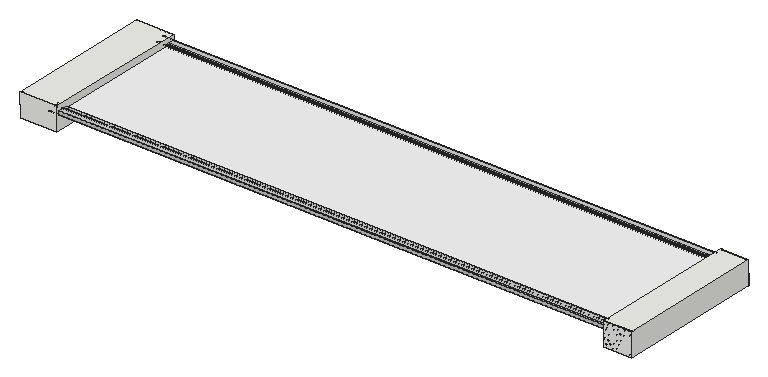
Revit family "DSI-HHS10B_2HR_Horizontal-Fire-Curtain_Under_Ceiling_Door-Systems", category Generic Models, Revit 2021
Family settings
  Can host rebar = No
  Round Connector Dimension = Use Diameter
  Part Type = Normal
  Work Plane-Based = No
  Always vertical = Yes
  Cut with Voids When Loaded = No
  Shared = No
  Room Calculation Point = No
Parameters
  Type Comments = ""
  Specifications = "https://www.arcat.com/company/door-systems-50183/spec"
  Specification = ""
  Product Page URL = ""
  Product Information = "https://www.arcat.com/arcatcos/cos50/arc50183.html"
  Primed Steel = "Primed Steel"
  Keynote = "08 33 44"
  Description = ""
  Default Elevation = 0' - 0"
  Cost = 0
  Copyright = "Arcat, Inc."
  CURTAIN WIDTH [instance] = 5' - 3"
  URL = "https://www.doorsysinc.com"
  Width (TBW) Tail end Box [instance] = 1' - 1 3/4"
  Schematic Floor = no
  Power Supply = "120v"
  Open Fire Curtain = yes
  Motor = "INTERNAL, ELECTRIC, TUBULER GEARED CONSTANT SPEED MOTOR"
  Model = "DSI-HHS10B 2HR HorizontalnCurtain Under Ceiling"
  Manufacturer = "Door Systems"
  Height (TBH) Tail end Box [instance] = 0' - 11 3/4"
  Width (HBW) Head Box [instance] = 1' - 6 1/2"
  Height (HBH) Head Box [instance] = 0' - 11 3/4"
  Guide Rail = "2 mm THK PRIMED STEEL GUIDE RAIL"
  End Plate = "3mmTHK PRIMED STEEL END PLATES AND BRACKETS"
  Curtain Fabric = "HS690-SS FABRIC- UL 10B"
  Curtain Box = "1.2mmTHK PRIMED STEEL"
  Curtain = Curtain
  CURTAIN LENGTH [instance] = 23' - 0"
  CAD Details = ""
  Bottom Bar = "2mm THK  PRIMED STEEL  BOTTOM BAR"
  Assembly Code = ""
Reference planes (in)
  plane 1 "Center (Front/Back)": y = 0
  plane 2: z = 0
  plane 3 "Center (Left/Right)": x = 0
  plane 4: y = 48
  plane 5: y = -25.62376
  plane 6: x = -48
  plane 7: x = 260.25
  plane 8: x = -29.5
  plane 9: x = 246.5
  plane 10: y = 43.47244
  plane 11: y = -21.0962
  plane 12: z = 0
  plane 13: z = 11.75
  plane 14: z = 8.30906
  plane 15: x = -34.22047
  plane 16: x = 252.40133
  plane 17: z = 10.90207
  plane 18: y = 47.2126
  plane 19: y = -24.84251
  plane 20: y = -25.57689
  plane 21: y = 47.95312
  plane 22: z = 9.7997
  plane 23: z = 9.75283
  plane 24: x = -32.25591
  plane 25: x = 249.25591
  plane 26: z = 0
  plane 27: y = -20.31495
  plane 28: y = 42.68505
  plane 29: z = 8.75
  plane 30: z = 8.70312
Forms (in)
  Extrusion 1, solid, material "Metal, Paint Finish, White, Matte"
    sketch origin (0, 0, 0) x (1, 0, 0) y (0, 0, 1)
      loop
        line (-29.5, 11.75) -> (-48, 11.75) -> (-48, 0) -> (-29.5, 0) -> (-29.5, 11.75)
    from -47.95312 to 25.57689
  Extrusion 2, solid, material "Metal, Paint Finish, White, Matte"
    sketch origin (0, 0, 0) x (1, 0, 0) y (0, 0, 1)
      loop
        line (246.5, 0) -> (260.25, 0) -> (260.25, 11.75) -> (246.5, 11.75) -> (246.5, 0)
    from -47.95312 to 25.62376
  Extrusion 3, solid, material "Metal, Paint Finish, White, Matte"
    sketch origin (0, -119.95313, 0) x (1, 0, 0) y (0, 0, 1)
      loop
        line (-48, 11.65551) -> (-48, 0) -> (-29.5, 0) -> (-29.5, 11.75) -> (-47.90551, 11.75)
        arc (-47.90551, 11.75) -> (-47.97233, 11.72233) -> (-48, 11.65551) r 0.09449
    from -94.37624 to -94.32936
  Extrusion 4, solid, material "Metal, Paint Finish, White, Matte"
    sketch origin (0, -36, 0) x (1, 0, 0) y (0, 0, 1)
      loop
        line (-48, 11.65551) -> (-48, 0) -> (-29.5, 0) -> (-29.5, 11.75) -> (-47.90551, 11.75)
        arc (-47.90551, 11.75) -> (-47.97233, 11.72233) -> (-48, 11.65551) r 0.09449
    from -84 to -83.95312
  Extrusion 5, solid, material "Metal, Paint Finish, White, Matte"
    sketch origin (0, -35.95313, 0) x (1, 0, 0) y (0, 0, 1)
      loop
        line (246.49582, 0) -> (260.24582, 0) -> (260.24582, 11.65551)
        arc (260.24582, 11.65551) -> (260.21814, 11.72233) -> (260.15133, 11.75) r 0.09449
        line (260.15133, 11.75) -> (246.49582, 11.75) -> (246.49582, 0)
    from -10.37624 to -10.32936
  Extrusion 6, solid, material "Metal, Paint Finish, White, Matte"
    sketch origin (0, 48, 0) x (1, 0, 0) y (0, 0, 1)
      loop
        line (246.49582, 0) -> (260.24582, 0) -> (260.24582, 11.65551)
        arc (260.24582, 11.65551) -> (260.21814, 11.72233) -> (260.15133, 11.75) r 0.09449
        line (260.15133, 11.75) -> (246.49582, 11.75) -> (246.49582, 0)
    from 0 to 0.04688
  Extrusion 7, solid, material "Galvanized Steel"
    sketch origin (0, 1.56963, 0) x (0, 1, 0) y (0, 0, 1)
      loop
        line (-21.88458, 8.86811) -> (-21.88458, 9.41929)
        arc (-21.88458, 9.41929) -> (-21.91918, 9.50281) -> (-22.00269, 9.5374) r 0.11811
        line (-22.00269, 9.5374) -> (-26.29403, 9.5374)
        arc (-26.29403, 9.5374) -> (-26.37755, 9.50281) -> (-26.41214, 9.41929) r 0.11811
        line (-26.41214, 9.41929) -> (-26.41214, 7.68701)
        arc (-26.41214, 7.68701) -> (-26.37755, 7.60349) -> (-26.29403, 7.5689) r 0.11811
        line (-26.29403, 7.5689) -> (-22.00269, 7.5689)
        arc (-22.00269, 7.5689) -> (-21.91918, 7.60349) -> (-21.88458, 7.68701) r 0.11811
        line (-21.88458, 7.68701) -> (-21.88458, 8.23819)
        arc (-21.88458, 8.23819) -> (-21.91918, 8.32171) -> (-22.00269, 8.3563) r 0.11811
        line (-22.00269, 8.3563) -> (-23.14443, 8.3563)
        arc (-23.14443, 8.3563) -> (-23.22794, 8.32171) -> (-23.26254, 8.23819) r 0.11811
        line (-23.26254, 8.23819) -> (-23.26254, 7.68701) -> (-23.1838, 7.68701) -> (-23.1838, 8.23819)
        arc (-23.1838, 8.23819) -> (-23.17227, 8.26603) -> (-23.14443, 8.27756) r 0.03937
        line (-23.14443, 8.27756) -> (-22.00269, 8.27756)
        arc (-22.00269, 8.27756) -> (-21.97486, 8.26603) -> (-21.96332, 8.23819) r 0.03937
        line (-21.96332, 8.23819) -> (-21.96332, 7.68701)
        arc (-21.96332, 7.68701) -> (-21.97486, 7.65917) -> (-22.00269, 7.64764) r 0.03937
        line (-22.00269, 7.64764) -> (-26.29403, 7.64764)
        arc (-26.29403, 7.64764) -> (-26.32187, 7.65917) -> (-26.3334, 7.68701) r 0.03937
        line (-26.3334, 7.68701) -> (-26.3334, 9.41929)
        arc (-26.3334, 9.41929) -> (-26.32187, 9.44713) -> (-26.29403, 9.45866) r 0.03937
        line (-26.29403, 9.45866) -> (-22.00269, 9.45866)
        arc (-22.00269, 9.45866) -> (-21.97486, 9.44713) -> (-21.96332, 9.41929) r 0.03937
        line (-21.96332, 9.41929) -> (-21.96332, 8.86811)
        arc (-21.96332, 8.86811) -> (-21.97486, 8.84027) -> (-22.00269, 8.82874) r 0.03937
        line (-22.00269, 8.82874) -> (-23.14443, 8.82874)
        arc (-23.14443, 8.82874) -> (-23.17227, 8.84027) -> (-23.1838, 8.86811) r 0.03937
        line (-23.1838, 8.86811) -> (-23.1838, 9.43307) -> (-23.26254, 9.43307) -> (-23.26254, 8.86811)
        arc (-23.26254, 8.86811) -> (-23.22794, 8.78459) -> (-23.14443, 8.75) r 0.11811
        line (-23.14443, 8.75) -> (-22.00269, 8.75)
        arc (-22.00269, 8.75) -> (-21.91918, 8.78459) -> (-21.88458, 8.86811) r 0.11811
    from -34.22047 to 252.40133
  Extrusion 8, solid, material "Galvanized Steel"
    sketch origin (0, 0, -1.0631) x (0, 1, 0) y (0, 0, 1)
      loop
        line (44.063, 10.79774) -> (43.98426, 10.79774) -> (43.98426, 10.23278)
        arc (43.98426, 10.23278) -> (43.97273, 10.20494) -> (43.94489, 10.19341) r 0.03937
        line (43.94489, 10.19341) -> (42.80316, 10.19341)
        arc (42.80316, 10.19341) -> (42.77532, 10.20494) -> (42.76379, 10.23278) r 0.03937
        line (42.76379, 10.23278) -> (42.76379, 10.78396)
        arc (42.76379, 10.78396) -> (42.77532, 10.8118) -> (42.80316, 10.82333) r 0.03937
        line (42.80316, 10.82333) -> (47.09449, 10.82333)
        arc (47.09449, 10.82333) -> (47.12233, 10.8118) -> (47.13386, 10.78396) r 0.03937
        line (47.13386, 10.78396) -> (47.13386, 9.05167)
        arc (47.13386, 9.05167) -> (47.12233, 9.02383) -> (47.09449, 9.0123) r 0.03937
        line (47.09449, 9.0123) -> (42.80316, 9.0123)
        arc (42.80316, 9.0123) -> (42.77532, 9.02383) -> (42.76379, 9.05167) r 0.03937
        line (42.76379, 9.05167) -> (42.76379, 9.60285)
        arc (42.76379, 9.60285) -> (42.77532, 9.63069) -> (42.80316, 9.64222) r 0.03937
        line (42.80316, 9.64222) -> (43.94489, 9.64222)
        arc (43.94489, 9.64222) -> (43.97273, 9.63069) -> (43.98426, 9.60285) r 0.03937
        line (43.98426, 9.60285) -> (43.98426, 9.05167) -> (44.063, 9.05167) -> (44.063, 9.60285)
        arc (44.063, 9.60285) -> (44.0284, 9.68637) -> (43.94489, 9.72096) r 0.11811
        line (43.94489, 9.72096) -> (42.80316, 9.72096)
        arc (42.80316, 9.72096) -> (42.71964, 9.68637) -> (42.68505, 9.60285) r 0.11811
        line (42.68505, 9.60285) -> (42.68505, 9.05167)
        arc (42.68505, 9.05167) -> (42.71964, 8.96816) -> (42.80316, 8.93356) r 0.11811
        line (42.80316, 8.93356) -> (47.09449, 8.93356)
        arc (47.09449, 8.93356) -> (47.17801, 8.96816) -> (47.2126, 9.05167) r 0.11811
        line (47.2126, 9.05167) -> (47.2126, 10.78396)
        arc (47.2126, 10.78396) -> (47.17801, 10.86747) -> (47.09449, 10.90207) r 0.11811
        line (47.09449, 10.90207) -> (42.80316, 10.90207)
        arc (42.80316, 10.90207) -> (42.71964, 10.86747) -> (42.68505, 10.78396) r 0.11811
        line (42.68505, 10.78396) -> (42.68505, 10.23278)
        arc (42.68505, 10.23278) -> (42.71964, 10.14926) -> (42.80316, 10.11467) r 0.11811
        line (42.80316, 10.11467) -> (43.94489, 10.11467)
        arc (43.94489, 10.11467) -> (44.0284, 10.14926) -> (44.063, 10.23278) r 0.11811
        line (44.063, 10.23278) -> (44.063, 10.79774)
    from -34.22047 to 252.40133
  Extrusion 9, solid, material "Schematic Floor", visible <- "Schematic Floor"
    sketch origin (0, 0, 2.04687) x (1, 0, 0) y (0, 1, 0)
      loop
        line (-48, -25.57689) -> (260.25, -25.57689) -> (260.25, 48) -> (-48, 48) -> (-48, -25.57689)
      loop
        line (284.24582, 72) -> (-72, 72) -> (-72, -49.57689) -> (284.24582, -49.57689) -> (284.24582, 72)
    from 0 to 9.76563
  Extrusion 10, solid, material "Schematic Floor", visible <- "Schematic Floor"
    sketch origin (0, 0, 11.8125) x (1, 0, 0) y (0, 1, 0)
      loop
        line (-32.25591, -25.57689) -> (249.25591, -25.57689) -> (249.25591, 48) -> (-32.25591, 48) -> (-32.25591, -25.57689)
      loop
        line (284.24582, 72) -> (-72, 72) -> (-72, -49.57689) -> (284.24582, -49.57689) -> (284.24582, 72)
    from 0 to 5.90551
  Extrusion 11, solid, material "Curtain", visible <- "Open Fire Curtain"
    sketch origin (0, 0, 8.81533) x (1, 0, 0) y (0, 1, 0)
      loop
        line (-34.22047, -21.0962) -> (252.40133, -21.0962) -> (252.40133, 43.47244) -> (-34.22047, 43.47244) -> (-34.22047, -21.0962)
    from -0.06533 to -0.1122
Cuts and joins
  joined: Extrusion 9, Extrusion 10
Lines and regions (in)
  symbolic lines
    curve 1: circle (-44.4481, 0, 6.24083) r 1.91535 normal (0, -1, 0)
    curve 2: circle (-44.4481, 0, 6.24083) r 1.50591 normal (0, -1, 0)
    curve 3: circle (-44.4481, 0, 6.24083) r 1.37795 normal (0, -1, 0)
    curve 4: line (-44.45337, 0, 8.57018) -> (-44.44283, 0, 3.91148)
    curve 5: line (-46.77745, 0, 6.23556) -> (-42.11875, 0, 6.2461)
    curve 6: line (-42.11875, 0, 6.2461) -> (-33.09316, 0, 6.2665)
    curve 7: line (-37.56899, 0, 10.72215) -> (-37.5488, 0, 1.79067)
    curve 8: arc (-37.5634, 0, 8.2505) -> (-38.97212, 0, 7.66325) -> (-39.55298, 0, 6.2519) r 1.99409
    curve 9: circle (-37.55889, 0, 6.25641) r 3.54331 normal (0, -1, 0)
    curve 10: line (-44.32021, 0, 8.15191) -> (-37.46315, 0, 7.69302)
    curve 11: line (-37.55564, 0, 4.81661) -> (-44.3106, 0, 4.33042)
    curve 12: circle (-37.55889, 0, 6.25641) r 1.43976 normal (0, -1, 0)
    curve 13: circle (-37.55889, 0, 6.25641) r 1.85236 normal (0, -1, 0)
    curve 14: circle (-37.55889, 0, 6.25641) r 1.99409 normal (0, -1, 0)
    curve 15: line (-34.11021, 0, 9.7997) -> (-37.56691, 0, 9.7997)
    curve 31: circle (251.07062, 0, 4.85876) r 1.43976 normal (0, -1, 0)
    curve 32: line (255.80408, 0, 6.76489) -> (250.93148, 0, 6.29178)
    curve 33: line (251.07062, 0, 6.65057) -> (251.07062, 0, 3.06695)
    curve 34: line (249.27881, 0, 4.85876) -> (252.86243, 0, 4.85876)
    curve 35: circle (251.07292, 0, 4.85876) r 0.83465 normal (0, -1, 0)
    curve 36: circle (251.07292, 0, 4.85876) r 0.71654 normal (0, -1, 0)
    curve 37: line (253.51091, 0, 4.85876) -> (258.47285, 0, 4.85876)
    curve 38: circle (255.99188, 0, 4.85876) r 1.91535 normal (0, -1, 0)
    curve 39: circle (255.99188, 0, 4.85876) r 1.50591 normal (0, -1, 0)
    curve 40: circle (255.99188, 0, 4.85876) r 1.37795 normal (0, -1, 0)
    curve 41: line (251.08935, 0, 3.41912) -> (255.80329, 0, 2.95271)
    curve 42: line (255.99188, 0, 7.33973) -> (255.99188, 0, 2.37779)
  symbolic lines, not visible
    curve 16: circle (-44.45615, 0, 6.29921) r 1.91535 normal (0, -1, 0)
    curve 17: circle (-44.45615, 0, 6.29921) r 1.50591 normal (0, -1, 0)
    curve 18: circle (-44.45615, 0, 6.29921) r 1.37795 normal (0, -1, 0)
    curve 19: line (-44.45615, 0, 8.62857) -> (-44.45615, 0, 3.96985)
    curve 20: line (-46.78551, 0, 6.29921) -> (-42.12679, 0, 6.29921)
    curve 21: line (-42.12679, 0, 6.29921) -> (-33.10118, 0, 6.29921)
    curve 22: line (-37.56693, 0, 10.76496) -> (-37.56693, 0, 1.83346)
    curve 23: arc (-37.56693, 0, 8.29331) -> (-38.97697, 0, 7.70925) -> (-39.56102, 0, 6.29921) r 1.99409
    curve 24: circle (-37.56693, 0, 6.29921) r 3.54331 normal (0, -1, 0)
    curve 25: line (-44.32394, 0, 8.21) -> (-37.46794, 0, 7.73561)
    curve 26: line (-37.56693, 0, 4.85941) -> (-44.32297, 0, 4.38849)
    curve 27: circle (-37.56693, 0, 6.29921) r 1.43976 normal (0, -1, 0)
    curve 28: circle (-37.56693, 0, 6.29921) r 1.85236 normal (0, -1, 0)
    curve 29: circle (-37.56693, 0, 6.29921) r 1.99409 normal (0, -1, 0)
    curve 30: line (-34.11024, 0, 9.8347) -> (-37.56693, 0, 9.84252)
    curve 43: circle (126.25984, 0, 4.92126) r 1.43976 normal (0, -1, 0)
    curve 44: line (130.9933, 0, 6.82739) -> (126.1207, 0, 6.35428)
    curve 45: line (126.25984, 0, 6.71307) -> (126.25984, 0, 3.12945)
    curve 46: line (124.46803, 0, 4.92126) -> (128.05166, 0, 4.92126)
    curve 47: circle (126.26214, 0, 4.92126) r 0.83465 normal (0, -1, 0)
    curve 48: circle (126.26214, 0, 4.92126) r 0.71654 normal (0, -1, 0)
    curve 49: line (128.70013, 0, 4.92126) -> (133.66207, 0, 4.92126)
    curve 50: circle (131.1811, 0, 4.92126) r 1.91535 normal (0, -1, 0)
    curve 51: circle (131.1811, 0, 4.92126) r 1.50591 normal (0, -1, 0)
    curve 52: circle (131.1811, 0, 4.92126) r 1.37795 normal (0, -1, 0)
    curve 53: line (126.27857, 0, 3.48162) -> (130.99251, 0, 3.01521)
    curve 54: line (131.1811, 0, 7.40223) -> (131.1811, 0, 2.44029)
Dimensions and locks (in)
  "Width (HBW) Head Box": plane 6 to plane 8
  "Width (TBW) Tail end Box": plane 9 to plane 7
  plane 6 to plane 7 = 25' - 8 1/4"
  "CURTAIN LENGTH": plane 8 to plane 9
  plane 4 to plane 5 = 6' - 1.62376"
  locked: plane 11 to plane 5 at 4.52756
  locked: plane 4 to plane 10 at 4.52756
  "Height (HBH) Head Box": plane 13 to plane 12
  locked: plane 13 to plane 14 at 3.44094
  locked: plane 9 to plane 16 at 5.90133
  locked: plane 13 to plane 17 at 0.84793
  locked: plane 4 to plane 18 at 0.7874
  locked: plane 19 to plane 5 at 0.78125
  locked: plane 20 to plane 5 at 0.04687
  locked: plane 4 to plane 21 at 0.04688
  plane 13 to plane 22 to plane 23 = 0' - 1.9503" locked, 0' - 0 3/64" locked
  locked: plane 14 to curve 37 at 3.4503
  locked: curve 33 to plane 16 at 1.33071
  locked: plane 24 to plane 8 at 2.75591
  locked: plane 9 to plane 25 at 2.75591
  "Height (TBH) Tail end Box": plane 13 to plane 26
  locked: plane 4 to plane 28 at 5.31495
  "CURTAIN WIDTH": plane 28 to plane 27
  locked: plane 27 to plane 5 at 5.30881
  locked: plane 29 to plane 30 at 0.04688
  locked: plane 13 to plane 29 at 3
  plane 29 to plane 30 = 0' - 0 3/64"
  aligned and locked: plane 2 to level
  aligned and locked: plane 13 to Extrusion 1 sketch curve
  aligned and locked: Extrusion 1 sketch curve to plane 12
  aligned and locked: plane 6 to Extrusion 1
  aligned and locked: Extrusion 1 to plane 8
  aligned and locked: Extrusion 3 to plane 5
  aligned and locked: Extrusion 3 to plane 20
  aligned and locked: plane 20 to Extrusion 1
  aligned and locked: Extrusion 4 to plane 21
  aligned and locked: plane 4 to Extrusion 4
  aligned and locked: plane 21 to Extrusion 1
  aligned and locked: plane 5 to Extrusion 5
  aligned and locked: Extrusion 5 to plane 20
  aligned and locked: Extrusion 6 to plane 4
  aligned and locked: plane 21 to Extrusion 6
  aligned and locked: plane 19 to Extrusion 7
  aligned and locked: plane 22 to curve 15
  aligned and locked: Extrusion 8 to plane 16
  aligned and locked: Extrusion 7 to plane 16
  aligned and locked: Extrusion 9 to plane 6
  aligned and locked: plane 7 to Extrusion 9
  aligned and locked: Extrusion 9 to plane 20
  aligned and locked: Extrusion 9 to plane 4
  aligned and locked: Extrusion 10 to plane 24
  aligned and locked: plane 25 to Extrusion 10
  aligned and locked: Extrusion 1 sketch curve to plane 8
  aligned and locked: plane 6 to Extrusion 1 sketch curve
  aligned and locked: plane 9 to Extrusion 2 sketch curve
  aligned and locked: Extrusion 2 sketch curve to plane 7
  aligned and locked: Extrusion 2 sketch curve to plane 13
  aligned and locked: plane 26 to Extrusion 5 sketch curve
  aligned and locked: plane 26 to Extrusion 2 sketch curve
  aligned and locked: plane 26 to Extrusion 6 sketch curve
  aligned and locked: plane 5 to Extrusion 2
  aligned and locked: plane 27 to Extrusion 7
  aligned and locked: plane 28 to Extrusion 8
  aligned and locked: plane 29 to Extrusion 7
  aligned and locked: plane 29 to Extrusion 11
  aligned and locked: Extrusion 11 to plane 30
Automatic sketch dimensions
  plane 6 to Extrusion 3 sketch curve = 0' - 0"
  Extrusion 3 sketch curve to plane 13 = 0' - 0"
  plane 8 to Extrusion 3 sketch curve = 0' - 0"
  Extrusion 3 sketch curve to level = 0' - 0"
  Extrusion 3 sketch curve to plane 6 = 0' - 0.09449"
  plane 6 to Extrusion 4 sketch curve = 0' - 0"
  Extrusion 4 sketch curve to plane 13 = 0' - 0"
  plane 8 to Extrusion 4 sketch curve = 0' - 0"
  Extrusion 4 sketch curve to level = 0' - 0"
  Extrusion 4 sketch curve to plane 6 = 0' - 0.09449"
  Extrusion 5 sketch curve to plane 13 = 0' - 0"
  plane 9 to Extrusion 5 sketch curve = 0' - 0.00418"
  plane 7 to Extrusion 5 sketch curve = 0' - 0.09867"
  plane 7 to Extrusion 5 sketch curve = 0' - 0.00418"
  Extrusion 6 sketch curve to plane 13 = 0' - 0"
  plane 9 to Extrusion 6 sketch curve = 0' - 0.00418"
  plane 7 to Extrusion 6 sketch curve = 0' - 0.09867"
  plane 7 to Extrusion 6 sketch curve = 0' - 0.00418"
  Extrusion 7 sketch curve to Extrusion 7 sketch curve = 0' - 0"  (x16)
  Extrusion 7 sketch curve to plane 19 = 0' - 0"
  Extrusion 7 sketch curve to plane 29 = 0' - 0"
  Extrusion 7 sketch curve to plane 27 = 0' - 0"  (x2)
  Extrusion 7 sketch curve to Extrusion 7 sketch curve = 0' - 0.07874"
  Extrusion 7 sketch curve to Extrusion 7 sketch curve = 0' - 0.03937"  (x8)
  Extrusion 7 sketch curve to plane 11 = 0' - 0.5967"  (x2)
  plane 14 to Extrusion 7 sketch curve = 0' - 0.04724"
  Extrusion 7 sketch curve to Extrusion 7 sketch curve = 0' - 0.55118"  (x2)
  Extrusion 7 sketch curve to plane 23 = 0' - 0.33354"
  Extrusion 7 sketch curve to plane 23 = 0' - 0.31976"
  Extrusion 8 sketch curve to Extrusion 8 sketch curve = 0' - 0"  (x17)
  Extrusion 8 sketch curve to plane 28 = 0' - 0"  (x2)
  Extrusion 8 sketch curve to plane 18 = 0' - 0"
  Extrusion 8 sketch curve to Extrusion 8 sketch curve = 0' - 0.07874"
  plane 23 to Extrusion 8 sketch curve = 0' - 0.0074"
  Extrusion 8 sketch curve to Extrusion 8 sketch curve = 0' - 0.03937"  (x4)
  plane 28 to Extrusion 8 sketch curve = 0' - 0.11811"
  plane 10 to Extrusion 8 sketch curve = 0' - 0.47245"
  Extrusion 8 sketch curve to plane 30 = 0' - 0.124"
  plane 10 to Extrusion 8 sketch curve = 0' - 0.51182"  (x2)
  Extrusion 8 sketch curve to plane 23 = 0' - 0.01819"
  Extrusion 8 sketch curve to plane 23 = 0' - 0.03197"
  Extrusion 8 sketch curve to plane 14 = 0' - 0.32048"  (x2)
  plane 29 to Extrusion 8 sketch curve = 0' - 0.30157"
  Extrusion 9 sketch curve to plane 6 = 0' - 0"
  Extrusion 9 sketch curve to plane 7 = 0' - 0"
  plane 20 to Extrusion 9 sketch curve = 0' - 0"
  Extrusion 9 sketch curve to plane 4 = 0' - 0"
  plane 6 to Extrusion 9 sketch curve = 2' - 0"
  Extrusion 9 sketch curve to plane 7 = 1' - 11.99582"
  Extrusion 9 sketch curve to plane 5 = 1' - 11 61/64"
  plane 4 to Extrusion 9 sketch curve = 2' - 0"
  plane 20 to Extrusion 10 sketch curve = 0' - 0"
  Extrusion 10 sketch curve to plane 24 = 0' - 0"
  Extrusion 10 sketch curve to plane 25 = 0' - 0"
  Extrusion 10 sketch curve to plane 4 = 0' - 0"
  plane 6 to Extrusion 10 sketch curve = 2' - 0"
  Extrusion 10 sketch curve to plane 7 = 1' - 11.99582"
  Extrusion 10 sketch curve to plane 5 = 1' - 11 61/64"
  plane 4 to Extrusion 10 sketch curve = 2' - 0"
  Extrusion 11 sketch curve to plane 10 = 0' - 0"
  Extrusion 11 sketch curve to plane 15 = 0' - 0"
  Extrusion 11 sketch curve to plane 16 = 0' - 0"
  Extrusion 11 sketch curve to plane 11 = 0' - 0"
